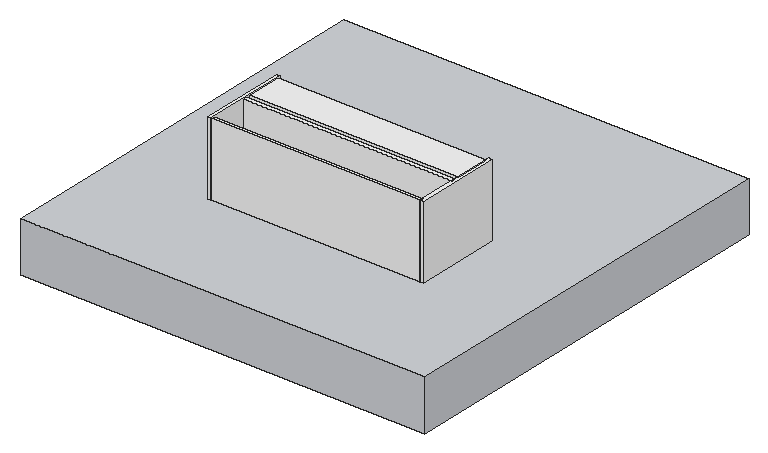
Revit family "IS_ConnectAir_E0831_BIM_DE", category Plumbing Fixtures, host Face, Revit 2014
Parameters (values of type "E0831B2 - Connect Air wall mounted double vanity unit with 2 drawer(Glossy White+Matt White)")
  WarrantyStartDate [instance] = "1900-12-31T23:59:59"
  WarrantyGuarantorParts = "n/a"
  WarrantyGuarantorLabor = "n/a"
  WarrantyDurationUnit = "year"
  WarrantyDurationParts = "n/a"
  WarrantyDurationLabor = "n/a"
  WarrantyDescription = "Manufacturers Warranty"
  VolumeUnits = "Litres"
  Version = "1"
  Uniclass2015Version = "Products v1.1"
  Uniclass2015Title = "Bathroom integrated furniture"
  Uniclass2015Code = "Pr_40_30_78_05"
  URL = "www.idealstandard.com"
  Type Comments = "n/a"
  TagNumber [instance] = "n/a"
  TMV3 = no
  SustainabilityPerformance = "n/a"
  SpareParts = "www.idealstandard.de/ersatzteile"
  Space = "Internal"
  Size = "1300x440x517mm"
  Shape = "Rectangular"
  SerialNumber [instance] = "n/a"
  Revision = "n/a"
  ReplacementCost = "n/a"
  ProductInformation = "www.idealstandard.de/produkte"
  Phone = "+49228 5210"
  NominalWidth = 1300 mm
  NominalLength = 0 mm
  NominalHeight = 517 mm
  NominalDepth = 440 mm
  NettWeight = "47,7 kg"
  Name = "BathroomIntegratedFurniture_ConnectAir_E0831B2_IdealStandard"
  NBSTypeID = "n/a"
  NBSReference = "45-35-72/320"
  NBSOfficeMasterTag = "n/a"
  NBSNote = "n/a"
  NBSDescription = "Bathroom integrated furniture"
  NBSCertification = "n/a"
  ModelReference = Description  # "E0831B2 Connect Air wall mounted double vanity unit with 2 drawer"
  ModelNumber = Model  # "E0831B2"
  ManufacturerURL = "www.idealstandard.com"
  MainColor = ISI_IdealStandard_Laminate_White_Render
  LinearUnits = "millimeters"
  Keynote = "n/a"
  InstallationInstructions = "www.idealstandard.de\\produkte"
  InstallationDate [instance] = "1900-12-31T23:59:59"
  InnerColor = ISI_IdealStandard_Laminate_White_Render
  IfcExportType = "FURNITURE"
  IfcExportAs = "IfcFurnitureType"
  Help = "idealstandard.de@idealstandard.com"
  GrossWeight = "0"
  Grade = "n/a"
  Finish = "Glossy White+Matt White"
  Features = "Connect Air wall mounted double vanity unit with 2 drawer"
  ExpectedLife = "25"
  DurationUnit = "year"
  CurrencyUnit = "n/a"
  CreatedOn = "2016-10-27"
  Constituents = "n/a"
  ConnectionType = "Plumbing"
  Color = "Glossy White+Matt White"
  CodePerformance = "n/a"
  Category = "FURNITURE"
  Reference = "n/a"
  Model = "E0831B2"
  Manufacturer = "idealstandard.de@idealstandard.com"
  Description = "E0831B2 Connect Air wall mounted double vanity unit with 2 drawer"
  Default Elevation = 800 mm
  Brand = "Ideal Standard"
  BarCode = "5017830519621"
  BIMObjectName = "ISI_IdealStandard_BathroomIntegratedFurniture_ConnectAir_E0831B2"
  Author = "Ideal Standard GmbH"
  AssetType = "Fixed"
  AssetIdentifier [instance] = "n/a"
  Assembly Code = "C1030200"
  AreaUnits = "millimeters"
  AreaMeasurement = "n/a"
  Accessories = "www.idealstandard.de\\ersatzteile"
  AccessibilityPerformance = "n/a"
Types (6, lengths in mm): name | Name | ModelReference | ModelNumber | MainColor | InnerColor | Finish | Color | Model | Description | BarCode | BIMObjectName
  E0831B2 - Connect Air wall mounted double vanity unit with 2 drawer(Glossy White+Matt White) | "BathroomIntegratedFurniture_ConnectAir_E0831B2_IdealStandard" | "E0831B2 Connect Air wall mounted double vanity unit with 2 drawer" | "E0831B2" | ISI_IdealStandard_Laminate_White_Render | ISI_IdealStandard_Laminate_White_Render | "Glossy White+Matt White" | "Glossy White+Matt White" | "E0831B2" | "E0831B2 Connect Air wall mounted double vanity unit with 2 drawer" | "5017830519621" | "ISI_IdealStandard_BathroomIntegratedFurniture_ConnectAir_E0831B2"
  E0831EQ - Connect Air wall mounted double vanity unit with 2 drawer(Glossy Light Grey+Matt White) | "BathroomIntegratedFurniture_ConnectAir_E0831EQ_IdealStandard" | "E0831EQ Connect Air wall mounted double vanity unit with 2 drawer" | "E0831EQ" | ISI_IdealStandard_Furniture_Grey_Render | ISI_IdealStandard_Laminate_White_Render | "Glossy Light Grey+Matt White" | "Glossy Light Grey+Matt White" | "E0831EQ" | "E0831EQ Connect Air wall mounted double vanity unit with 2 drawer" | "5017830519638" | "ISI_IdealStandard_BathroomIntegratedFurniture_ConnectAir_E0831EQ"
  E0831KN - Connect Air wall mounted double vanity unit with 2 drawer(Glossy White+Matt Light Grey) | "BathroomIntegratedFurniture_ConnectAir_E0831KN_IdealStandard" | "E0831KN Connect Air wall mounted double vanity unit with 2 drawer" | "E0831KN" | ISI_IdealStandard_Laminate_White_Render | ISI_IdealStandard_Furniture_Grey_Render | "Glossy White+Matt Light Grey" | "Glossy White+Matt Light Grey" | "E0831KN" | "E0831KN Connect Air wall mounted double vanity unit with 2 drawer" | "5017830519645" | "ISI_IdealStandard_BathroomIntegratedFurniture_ConnectAir_E0831KN"
  E0831PS - Connect Air wall mounted double vanity unit with 2 drawer(Wood Light Grey+Matt White) | "BathroomIntegratedFurniture_ConnectAir_E0831PS_IdealStandard" | "E0831PS Connect Air wall mounted double vanity unit with 2 drawer" | "E0831PS" | ISI_IdealStandard_Furniture_WoodLightGrey_Render | ISI_IdealStandard_Laminate_White_Render | "Wood Light Grey+Matt White" | "Wood Light Grey+Matt White" | "E0831PS" | "E0831PS Connect Air wall mounted double vanity unit with 2 drawer" | "5017830519652" | "ISI_IdealStandard_BathroomIntegratedFurniture_ConnectAir_E0831PS"
  E0831UK - Connect Air wall mounted double vanity unit with 2 drawer(Wood Light Brown+Matt Lt Brown) | "BathroomIntegratedFurniture_ConnectAir_E0831UK_IdealStandard" | "E0831UK Connect Air wall mounted double vanity unit with 2 drawer" | "E0831UK" | ISI_IdealStandard__WoodLightBrown_Render | ISI_IdealStandard__WoodLightBrown_Render | "Wood Light Brown+Matt Lt Brown" | "Wood Light Brown+Matt Lt Brown" | "E0831UK" | "E0831UK Connect Air wall mounted double vanity unit with 2 drawer" | "5017830519669" | "ISI_IdealStandard_BathroomIntegratedFurniture_ConnectAir_E0831UK"
  E0831VY - Connect Air wall mounted double vanity unit with 2 drawer(Matt Dark Brown+Matt White) | "BathroomIntegratedFurniture_ConnectAir_E0831VY_IdealStandard" | "E0831VY Connect Air wall mounted double vanity unit with 2 drawer" | "E0831VY" | ISI_IdealStandard_Furniture_DarkBrown_Render | ISI_IdealStandard_Laminate_White_Render | "Matt Dark Brown+Matt White" | "Matt Dark Brown+Matt White" | "E0831VY" | "E0831VY Connect Air wall mounted double vanity unit with 2 drawer" | "5017830519676" | "ISI_IdealStandard_BathroomIntegratedFurniture_ConnectAir_E0831VY"
Reference planes
  plane 1 "Center (Front/Back)": y = 0
  plane 2: z = 0
  plane 3 "Center (Left/Right)": x = 0
  plane 4: y = -517
  plane 5: z = 440
  plane 6: x = 650
  plane 7: x = -650
  plane 8: x = -630
  plane 9: y = -497
  plane 10: y = -277
  plane 11: y = -257
  plane 12: z = 420
  plane 13: z = 400
Forms (mm)
  Extrusion 1, solid
    sketch origin (0, 0, 0) x (1, 0, 0) y (0, 1, 0)
      loop
        line (-1219.2, 1219.2) -> (-1219.2, -1219.2) -> (1219.2, -1219.2) -> (1219.2, 1219.2) -> (-1219.2, 1219.2)
    from 0 to -304.8
  Extrusion 2, solid, material "ISI_IdealStandard_Laminate_White_Render" <- "MainColor"
    sketch origin (-650, -4572, 0) x (0, 0, -1) y (0, -1, 0)
      loop
        line (-440, -4572) -> (0, -4572) -> (0, -4055) -> (-440, -4055) -> (-440, -4572)
    from 0 to -20
  Extrusion 3, solid, material "ISI_IdealStandard_Laminate_White_Render" <- "MainColor"
    sketch origin (650, -4572, 0) x (0, 0, -1) y (0, 1, 0)
      loop
        line (-440, 4572) -> (-440, 4055) -> (0, 4055) -> (0, 4572) -> (-440, 4572)
    from 0 to -20
  Extrusion 4, solid, material "ISI_IdealStandard_Laminate_White_Render" <- "MainColor"
    sketch origin (0, -497, 440) x (0, 0, 1) y (-1, 0, 0)
      loop
        line (0, -630) -> (0, 630) -> (-440, 630) -> (-440, -630) -> (0, -630)
    from 0 to 20
  Extrusion 5, solid, material "ISI_IdealStandard_Laminate_White_Render" <- "MainColor"
    sketch origin (0, -257, 440) x (0, 0, 1) y (-1, 0, 0)
      loop
        line (0, -630) -> (0, 630) -> (-440, 630) -> (-440, -630) -> (0, -630)
    from 0 to 20
  Extrusion 6, solid, material "ISI_IdealStandard_Laminate_White_Render" <- "InnerColor"
    sketch origin (-650, -4572, 0) x (0, 0, -1) y (0, -1, 0)
      loop
        line (-400, -4572) -> (-400, -4315) -> (-420, -4315) -> (-420, -4572) -> (-400, -4572)
    from -20 to -1280
  Extrusion 7, solid, material "ISI_IdealStandard_Laminate_White_Render" <- "MainColor"
    sketch origin (-650, -4572, 0) x (0, 0, -1) y (0, -1, 0)
      loop
        line (-440, -4553.194) -> (-420, -4553.194) -> (-420, -4337.879) -> (-440, -4337.879) -> (-440, -4553.194)
    from -20 to -1280
  Extrusion 8, solid
    sketch origin (-650, -4572, 0) x (0, 0, -1) y (0, -1, 0)
      loop
        line (0, -4295) -> (0, -4075) -> (-20.009, -4075) -> (-20.009, -4295) -> (0, -4295)
    from -20 to -1280
Dimensions and locks
  "NominalHeight": plane 1 "Center (Front/Back)" to Extrusion 2
  "NominalDepth": Extrusion 2 to Extrusion 1
  "NominalWidth": Extrusion 2 to Extrusion 3
  aligned and locked: plane 2 to Extrusion 1
  aligned and locked: level to Extrusion 1
  aligned and locked: Extrusion 2 sketch curve to plane 5
  aligned and locked: plane 1 "Center (Front/Back)" to Extrusion 2 sketch curve
  aligned and locked: level to Extrusion 2 sketch curve
  aligned and locked: Extrusion 2 sketch curve to plane 4
  aligned and locked: Extrusion 2 to plane 8
  aligned and locked: Extrusion 3 to Extrusion 4 sketch curve
  aligned and locked: Extrusion 4 sketch curve to Extrusion 3
  aligned and locked: Extrusion 2 to Extrusion 4 sketch curve
  aligned and locked: Extrusion 4 sketch curve to plane 8
  aligned and locked: Extrusion 4 to Extrusion 2
  aligned and locked: Extrusion 5 sketch curve to Extrusion 4  (x2)
  aligned and locked: Extrusion 5 sketch curve to Extrusion 3
  aligned and locked: Extrusion 5 sketch curve to plane 8
  aligned and locked: Extrusion 5 to plane 10
  aligned and locked: Extrusion 6 sketch curve to plane 13
  aligned and locked: Extrusion 6 sketch curve to plane 1 "Center (Front/Back)"
  aligned and locked: Extrusion 6 sketch curve to plane 12
  aligned and locked: plane 11 to Extrusion 6 sketch curve
  aligned and locked: Extrusion 6 to Extrusion 2
  aligned and locked: Extrusion 6 to Extrusion 3
  aligned and locked: Extrusion 7 sketch curve to plane 5
  aligned and locked: Extrusion 7 sketch curve to plane 12
  aligned and locked: Extrusion 7 to Extrusion 2
  aligned and locked: Extrusion 5 to Extrusion 8 sketch curve
  aligned and locked: Extrusion 8 sketch curve to plane 10
  aligned and locked: Extrusion 8 sketch curve to plane 9
  aligned and locked: Extrusion 2 to Extrusion 8
  aligned and locked: Extrusion 8 to Extrusion 3
Automatic sketch dimensions
  Extrusion 1 sketch curve to Extrusion 1 sketch curve = 2438.4 mm  (x2)
  Extrusion 3 sketch curve to plane 4 = 0 mm
  Extrusion 3 sketch curve to plane 5 = 0 mm
  Extrusion 3 sketch curve to level = 0 mm
  Extrusion 3 sketch curve to plane 1 "Center (Front/Back)" = 0 mm
  plane 1 "Center (Front/Back)" to Extrusion 7 sketch curve = 18.806 mm
  Extrusion 7 sketch curve to plane 11 = 22.879 mm
  level to Extrusion 8 sketch curve = 20.009 mm
